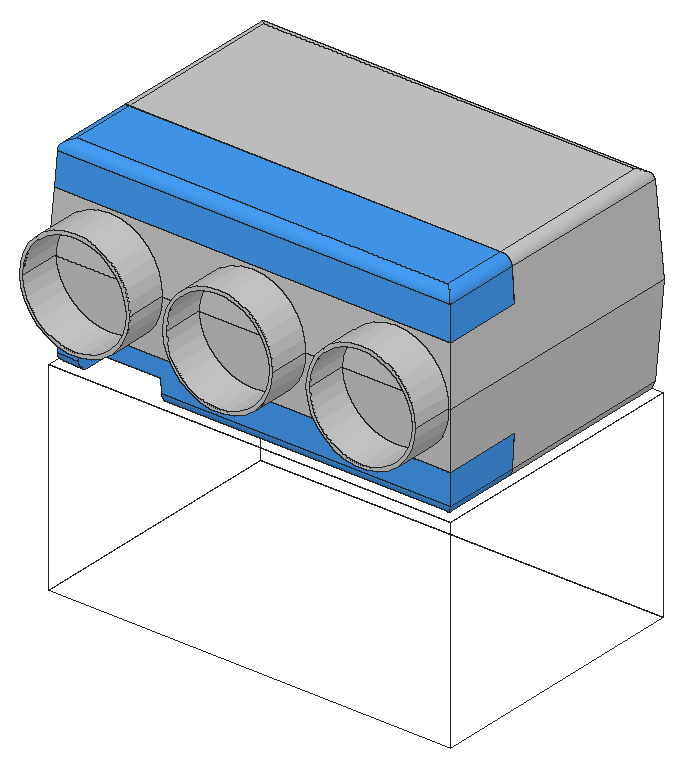
Revit family "Nuaire_IfcFanType_EsOpusdc", category Mechanical Equipment, Revit 2018
Family settings
  Round Connector Dimension = Use Radius
  Part Type = Normal
  OmniClass Number = 23.75.00.00
  OmniClass Title = Climate Control (HVAC)
  Work Plane-Based = Yes
  Always vertical = No
  Cut with Voids When Loaded = No
  Shared = No
  Room Calculation Point = No
Parameters (values of type "ES-OPUSDC110-M")
  Width = 367 mm  # constant formula
  Weight = 3.00 kg
  Weekly = "SFG20 20-03"  # constant formula
  Warranty ID = ""
  Voltage = if(Supply Phase = 3, 400 V, 230 V)  # 230 V
  Template Custodian = Manufacturer  # "Nuaire"
  Supply Phase = 1  # constant formula
  Suitability for Use = "Approved"
  Starting Current = 0.61 A
  Spigot Diameter = 100 mm  # constant formula
  Specific Fan Power at Design Duty [instance] = ""
  Revit Family Last Revised = "2020-09-23T15:04:00"  # constant formula
  Responsible Sourcing of Materials = "FSC"  # constant formula
  Responsible Extraction of Materials = "n/a"  # constant formula
  Reference Standard = "BS EN 60335-2-80"  # constant formula
  Quote Reference [instance] = ""
  Quarterly = "SFG20 20-03"  # constant formula
  Project Reference [instance] = ""
  Product Range = "Opus DC"  # constant formula
  Product Literature = "http://www.nuaire.info/catalog/nl/SupplyExtract-ESOPUSDC.pdf"
  Power Source = "Mains"  # constant formula
  Order Reference [instance] = ""
  Operation and Maintenance Manual = "http://www.nuaire.info/iandm/nl/671339.pdf"
  OmniClass Title = "Centrifugal Fans"  # constant formula
  OmniClass Number = "23-33 31 19 13"  # constant formula
  Number of Connection Poles = 2  # constant formula
  Nominal Motor Rating = 0.090 kW
  Monthly = "SFG20 20-03"  # constant formula
  Material Ingredient Reporting = "n/a"  # constant formula
  Manufacturer Website = "http://www.nuaire.co.uk"
  Maintenance Required 8001 to 12000hrs = "http://www.nuaire.info/iandm/nl/671339.pdf"
  Maintenance Required 601 to 1000hrs = "http://www.nuaire.info/iandm/nl/671339.pdf"
  Maintenance Required 4001 to 8000hrs = "http://www.nuaire.info/iandm/nl/671339.pdf"
  Maintenance Required 301 to 600hrs = "http://www.nuaire.info/iandm/nl/671339.pdf"
  Maintenance Required 2001 to 4000hrs = "http://www.nuaire.info/iandm/nl/671339.pdf"
  Maintenance Required 1001 to 2000hrs = "http://www.nuaire.info/iandm/nl/671339.pdf"
  Maintenance Required 0 to 300hrs = "http://www.nuaire.info/iandm/nl/671339.pdf"
  Location of Manufacturer = "51.571856, -3.232638"  # constant formula
  Location Reference [instance] = ""
  Life Cycle Analysis = 0
  Length = 242 mm  # constant formula
  Show Access Clearance [instance] = yes
  Model Drawn by = "Michael Grote"  # constant formula
  Maximum Ambient Temperature = 40 °C  # constant formula
  IFCExportType = "CENTRIFUGALFORWARDCURVED"
  IFCExportAs = "IfcFanType"  # constant formula
  I&M Manual = "http://www.nuaire.info/iandm/nl/671339.pdf"
  Height = 184 mm  # constant formula
  Green Guide for Specification = "n/a"  # constant formula
  Full Load Current = 0.46 A
  Frequency = 50 Hz  # constant formula
  Fire Control Panel Links = no
  Features = ""
  External Static Pressure [instance] = 0.0 Pa
  Expected Life = "n/a"  # constant formula
  Environmental Product Declaration = "WEEE, RoHS"  # constant formula
  Energy Technology List = "n/a"  # constant formula
  Embodied Carbon = "n/a"  # constant formula
  Discharge Air Flow [instance] = 0.000 m³/s
  Default Elevation = 1219.2 mm
  Daily = "SFG20 20-03"  # constant formula
  Classification.Uniclass.Pr.Number = "Pr_65_67_29_12"
  Classification.Uniclass.Pr.Description = "Centrifugal fans"
  Classification System = "Uniclass2015"
  Centre Spigot Airflow [instance] = Discharge Air Flow - Left Spigot Airflow - Right Spigot Airflow  # 0.000 m³/s
  Left Spigot Airflow [instance] = 0.000 m³/s
  Right Spigot Airflow [instance] = 0.000 m³/s
  URL = "http://www.nuaire.co.uk"
  Weatherproof or Internal Only = "Internal Only"  # constant formula
  Manufacturer = "Nuaire"  # constant formula
  Description = "Inline Extract Dual Fan"
  Catalogue Pages = "http://www.nuaire.info/catalog/nl/SupplyExtract-ESOPUSDC.pdf"
  COBie.Type.WarrantyGuarantorParts = Manufacturer  # "Nuaire"
  COBie.Type.WarrantyGuarantorLabor = Manufacturer  # "Nuaire"
  COBie.Type.WarrantyDurationUnit = "Year"  # constant formula
  COBie.Type.WarrantyDurationParts = "5"  # constant formula
  COBie.Type.WarrantyDurationLabor = "1"  # constant formula
  COBie.Type.WarrantyDescription = "5 years. First year parts and labour, remaining 4 years parts only."  # constant formula
  COBie.Type.SustainabilityPerformance = ""
  COBie.Type.Size = ""
  COBie.Type.Shape = ""
  COBie.Type.ReplacementCost = 0
  COBie.Type.NominalWidth = Width  # 367 mm
  COBie.Type.NominalLength = Length  # 242 mm
  COBie.Type.NominalHeight = Height  # 184 mm
  COBie.Type.Name = Model  # "ES-OPUSDC110-M"
  COBie.Type.ModelReference = ""
  COBie.Type.ModelNumber = Model  # "ES-OPUSDC110-M"
  COBie.Type.Material = ""
  COBie.Type.Manufacturer = Manufacturer  # "Nuaire"
  COBie.Type.Length = Length  # 242 mm
  COBie.Type.Grade = ""
  COBie.Type.Finish = ""
  COBie.Type.Features = ""
  COBie.Type.ExternalIdentifier = ""
  COBie.Type.ExpectedLife = ""
  COBie.Type.DurationUnit = ""
  COBie.Type.Description = Description  # "Inline Extract Dual Fan"
  COBie.Type.CreatedOn = Revit Family Last Revised  # "2020-09-23T15:04:00"
  COBie.Type.CreatedBy = Model Drawn by  # "Michael Grote"
  COBie.Type.Constituents = ""
  COBie.Type.Color = ""
  COBie.Type.Category = "Pr_65_67_29_12 : Centrifugal fans"
  COBie.Type.AssetType = ""
  COBie.Type.AccessibilityPerformance = ""
  COBie.Type = yes
  COBie.ExternalIdentifier [instance] = ""
  COBie.CreatedOn [instance] = Revit Family Last Revised  # "2020-09-23T15:04:00"
  COBie.CreatedBy [instance] = Model Drawn by  # "Michael Grote"
  COBie.Component.WarrantyStartDate [instance] = "Commences on date of delivery"  # constant formula
  COBie.Component.TagNumber [instance] = ""
  COBie.Component.Space [instance] = ""
  COBie.Component.SerialNumber [instance] = ""
  COBie.Component.Name [instance] = Model  # "ES-OPUSDC110-M"
  COBie.Component.Length [instance] = Length  # 242 mm
  COBie.Component.InstallationDate [instance] = ""
  COBie.Component.Description [instance] = Description  # "Inline Extract Dual Fan"
  COBie.Component.AssetIdentifier [instance] = ""
  COBie [instance] = yes
  CE Approval = "Yes"  # constant formula
  Bespoke Timeframe = "n/a"  # constant formula
  Battery Type = "n/a"  # constant formula
  Battery Supply = no
  BMS Links = yes
  Apparent Load = Voltage * Full Load Current  # 105.8 VA
  Annually = "SFG20 20-03"  # constant formula
  Address = "Western Industrial Estate, Caerphilly, UK"  # constant formula
  Postcode = "CF83 1NA"  # constant formula
  Telephone Number = "+44(0)2920-858-200"  # constant formula
  Fax Number = "+44(0)2920-858-222"  # constant formula
  Email Address = "info@nuaire.co.uk"  # constant formula
  Model = "ES-OPUSDC110-M"
  Spigot Radius = Spigot Diameter / 2  # 50 mm
  Access Clearance Bottom = Height  # 184 mm
  6 Monthly = "SFG20 20-03"  # constant formula
Types (6, lengths in mm): name | Suitability for Use | Starting Current | Specific Fan Power at Design Duty | Nominal Motor Rating | IFCExportType | Full Load Current | Classification.Uniclass.Pr.Number | Classification.Uniclass.Pr.Description | Classification System | Description | COBie.Type.Name | COBie.Type.ModelNumber | COBie.Type.Description | COBie.Type.Category | COBie.Component.Name | COBie.Component.Description | Apparent Load | Model
  ES-OPUSDC110-M | "Approved" | 0.61 A | "" | 0.090 kW | "CENTRIFUGALFORWARDCURVED" | 0.46 A | "Pr_65_67_29_12" | "Centrifugal fans" | "Uniclass2015" | "Inline Extract Dual Fan" | "ES-OPUSDC110-M" | "ES-OPUSDC110-M" | "Inline Extract Dual Fan" | "Pr_65_67_29_12 : Centrifugal fans" | "ES-OPUSDC110-M" | "Inline Extract Dual Fan" | 105.8 VA | "ES-OPUSDC110-M"
  ES-OPUSDC75-M | "" | 0.35 A | "0.0" | 0.033 kW | "" | 0.30 A | "Pr_65_67_29_12" | "Centrifugal fans" | "" | "Inline Extract Dual Fan" | "ES-OPUSDC75-M" | "ES-OPUSDC75-M" | "Inline Extract Dual Fan" | "Pr_65_67_29_12 : Centrifugal fans" | "ES-OPUSDC75-M" | "Inline Extract Dual Fan" | 69 VA | "ES-OPUSDC75-M"
  ES-OPUSDC60-2M | "" | 0.40 A | "0.0" | 0.044 kW | "" | 0.32 A | "Pr_65_67_29_89" | "Twin centrifugal fans" | "" | "Inline Extract Twin Fan" | "ES-OPUSDC60-2M" | "ES-OPUSDC60-2M" | "Inline Extract Twin Fan" | "Pr_65_67_29_89 : Twin centrifugal fans" | "ES-OPUSDC60-2M" | "Inline Extract Twin Fan" | 73.6 VA | "ES-OPUSDC60-2M"
  ES-OPUSDC60-M | "" | 0.40 A | "0.0" | 0.044 kW | "" | 0.32 A | "Pr_65_67_29_12" | "Centrifugal fans" | "" | "Inline Extract Single Fan" | "ES-OPUSDC60-M" | "ES-OPUSDC60-M" | "Inline Extract Single Fan" | "Pr_65_67_29_12 : Centrifugal fans" | "ES-OPUSDC60-M" | "Inline Extract Single Fan" | 73.6 VA | "ES-OPUSDC60-M"
  ES-OPUSDC40-2M | "" | 0.18 A | "0.0" | 0.018 kW | "" | 0.14 A | "Pr_65_67_29_89" | "Twin centrifugal fans" | "" | "Inline Extract Twin Fan" | "ES-OPUSDC40-2M" | "ES-OPUSDC40-2M" | "Inline Extract Twin Fan" | "Pr_65_67_29_89 : Twin centrifugal fans" | "ES-OPUSDC40-2M" | "Inline Extract Twin Fan" | 32.2 VA | "ES-OPUSDC40-2M"
  ES-OPUSDC40-M | "" | 0.18 A | "0.0" | 0.018 kW | "" | 0.14 A | "Pr_65_67_29_12" | "Centrifugal fans" | "" | "Inline Extract Single Fan" | "ES-OPUSDC40-M" | "ES-OPUSDC40-M" | "Inline Extract Single Fan" | "Pr_65_67_29_12 : Centrifugal fans" | "ES-OPUSDC40-M" | "Inline Extract Single Fan" | 32.2 VA | "ES-OPUSDC40-M"
Reference planes
  plane 1 "Center (Front/Back)": y = 0
  plane 2: z = 0
  plane 3 "Center (Left/Right)": x = 0
  plane 4: x = 183.5
  plane 5: x = -183.5
  plane 6: y = 121
  plane 7: y = -121
  plane 8: z = 184
  plane 9: z = 92
  plane 10: y = -157.5
  plane 11: y = 162.5
  plane 12: z = 145.057
  plane 13: y = -46.5
  plane 14: z = 38.875
Forms (mm)
  Extrusion 1, solid, material "Grey Plastic"
    sketch origin (0, 0, 0) x (0, 1, 0) y (0, 0, 1)
      loop
        line (-46.5, 184) -> (-46.5, 145.057) -> (-118.116, 145.057) -> (-121, 92) -> (-118.113, 38.875) -> (-46.5, 38.875) -> (-46.5, 0) -> (106.529, 0)
        arc (106.529, 0) -> (113.405, 2.74) -> (116.514, 9.457) r 10
        line (116.514, 9.457) -> (121, 92) -> (116.514, 174.543)
        arc (116.514, 174.543) -> (113.405, 181.26) -> (106.529, 184) r 10
        line (106.529, 184) -> (-46.5, 184)
    from -183.5 to 183.5
  Extrusion 2, solid, material "Blue Plastic"
    sketch origin (0, 0, 0) x (0, 1, 0) y (0, 0, 1)
      loop
        line (-46.5, 184) -> (-106.529, 184)
        arc (-106.529, 184) -> (-113.405, 181.26) -> (-116.514, 174.543) r 10
        line (-116.514, 174.543) -> (-118.116, 145.057) -> (-46.5, 145.057) -> (-46.5, 184)
      loop
        line (-118.113, 38.875) -> (-116.514, 9.457)
        arc (-116.514, 9.457) -> (-113.405, 2.74) -> (-106.529, 0) r 10
        line (-106.529, 0) -> (-46.5, 0) -> (-46.5, 38.875) -> (-118.113, 38.875)
    from -183.5 to 183.5
  Extrusion 3, void
    sketch origin (0, 0, 0) x (1, 0, 0) y (0, 0, 1)
      loop
        line (-179.014, 174.543) -> (-183.5, 92) -> (-179.014, 9.457)
        arc (-179.014, 9.457) -> (-175.905, 2.74) -> (-169.029, 0) r 10
        line (-169.029, 0) -> (169.029, 0)
        arc (169.029, 0) -> (175.905, 2.74) -> (179.014, 9.457) r 10
        line (179.014, 9.457) -> (183.5, 92) -> (179.014, 174.543)
        arc (179.014, 174.543) -> (175.905, 181.26) -> (169.029, 184) r 10
        line (169.029, 184) -> (-169.029, 184)
        arc (-169.029, 184) -> (-175.905, 181.26) -> (-179.014, 174.543) r 10
      loop
        line (-195.337, 199.131) -> (-195.337, -10.869) -> (197.663, -10.869) -> (197.663, 199.131) -> (-195.337, 199.131)
    from -123.5 to 123.5
  Extrusion 4, solid, material "Grey Plastic"
    sketch origin (0, 0, 0) x (1, 0, 0) y (0, 0, 1)
      loop
        circle (0, 92) r 50
      loop
        circle (0, 92) r 47
    from 116.844 to 157.5
  Extrusion 5, solid, material "Grey Plastic"
    sketch origin (124, 0, 0) x (1, 0, 0) y (0, 0, 1)
      loop
        circle (6.5, 92) r 50
      loop
        circle (6.5, 92) r 47
    from 116.844 to 157.5
  Extrusion 6, solid, material "Grey Plastic"
    sketch origin (-124, 0, 0) x (1, 0, 0) y (0, 0, 1)
      loop
        circle (-6.5, 92) r 50
      loop
        circle (-6.5, 92) r 47
    from 116.844 to 157.5
  Extrusion 7, solid, material "Grey Plastic"
    sketch origin (0, 280.344, 0) x (1, 0, 0) y (0, 0, 1)
      loop
        circle (0, 92) r 50
      loop
        circle (0, 92) r 47
    from 117.844 to 162.556
  Extrusion 8, void
    sketch origin (-237, -212, 0) x (-1, 0, 0) y (0, -1, 0)
      loop
        line (-153, -126) -> (-77.5, -126) -> (-77.5, -91) -> (-153, -91) -> (-153, -126)
    from 0 to 22.875
  Extrusion 9, solid, material "Access Clearance", visible <- "Show Access Clearance"
    sketch origin (0, 0, 0) x (1, 0, 0) y (0, 1, 0)
      loop
        line (-183.5, 121) -> (-183.5, -121) -> (183.5, -121) -> (183.5, 121) -> (-183.5, 121)
    from 0 to -184
Cuts and joins
  Extrusion 3 cuts Extrusion 1
  Extrusion 3, Extrusion 8 cuts Extrusion 2
Dimensions and locks
  equal spacing: plane 5, plane 3 "Center (Left/Right)", plane 4
  "Width": plane 5 to plane 4
  equal spacing: plane 6, plane 1 "Center (Front/Back)", plane 7
  "Length": plane 6 to plane 7
  equal spacing: plane 8, plane 9, level
  "Height": plane 8 to plane 2
  aligned and locked: level to plane 2
Automatic sketch dimensions
  Extrusion 1 sketch curve to plane 7 = 0 mm
  plane 12 to Extrusion 1 sketch curve = 0 mm
  plane 14 to Extrusion 1 sketch curve = 0 mm
  Extrusion 1 sketch curve to level = 0 mm
  Extrusion 1 sketch curve to plane 13 = 0 mm  (x2)
  Extrusion 1 sketch curve to plane 8 = 0 mm
  Extrusion 1 sketch curve to plane 6 = 0 mm
  Extrusion 1 sketch curve to plane 9 = 0 mm  (x2)
  Extrusion 1 sketch curve to plane 7 = 2.884 mm
  Extrusion 1 sketch curve to plane 7 = 2.887 mm
  Extrusion 1 sketch curve to plane 6 = 14.471 mm  (x2)
  Extrusion 1 sketch curve to plane 6 = 4.486 mm  (x2)
  level to Extrusion 1 sketch curve = 9.457 mm
  Extrusion 1 sketch curve to plane 8 = 9.457 mm
  plane 12 to Extrusion 2 sketch curve = 0 mm
  plane 14 to Extrusion 2 sketch curve = 0 mm
  Extrusion 2 sketch curve to plane 8 = 0 mm
  Extrusion 2 sketch curve to level = 0 mm
  Extrusion 2 sketch curve to plane 13 = 0 mm  (x2)
  Extrusion 2 sketch curve to plane 7 = 4.486 mm  (x2)
  level to Extrusion 2 sketch curve = 9.457 mm
  Extrusion 2 sketch curve to plane 7 = 2.887 mm
  Extrusion 2 sketch curve to plane 7 = 2.884 mm
  Extrusion 2 sketch curve to Extrusion 2 sketch curve = 9.985 mm  (x2)
  Extrusion 2 sketch curve to plane 8 = 9.457 mm
  plane 5 to Extrusion 3 sketch curve = 0 mm
  Extrusion 3 sketch curve to plane 8 = 0 mm
  Extrusion 3 sketch curve to level = 0 mm
  Extrusion 3 sketch curve to plane 4 = 0 mm
  Extrusion 3 sketch curve to plane 9 = 0 mm  (x2)
  plane 5 to Extrusion 3 sketch curve = 11.837 mm
  Extrusion 3 sketch curve to plane 5 = 4.486 mm  (x2)
  Extrusion 3 sketch curve to Extrusion 3 sketch curve = 9.985 mm  (x2)
  Extrusion 3 sketch curve to plane 4 = 14.471 mm  (x2)
  Extrusion 3 sketch curve to plane 4 = 4.486 mm  (x2)
  plane 4 to Extrusion 3 sketch curve = 14.163 mm
  Extrusion 3 sketch curve to level = 10.869 mm
  level to Extrusion 3 sketch curve = 9.457 mm  (x2)
  Extrusion 3 sketch curve to plane 8 = 9.457 mm  (x2)
  plane 8 to Extrusion 3 sketch curve = 15.131 mm
  Extrusion 4 sketch curve to Extrusion 4 sketch curve = 0 mm  (x2)
  Extrusion 4 sketch curve to plane 3 "Center (Left/Right)" = 0 mm
  Extrusion 4 sketch curve to plane 9 = 0 mm
  Extrusion 5 sketch curve to Extrusion 5 sketch curve = 0 mm  (x2)
  Extrusion 5 sketch curve to plane 9 = 0 mm
  Extrusion 5 sketch curve to plane 4 = 53 mm
  Extrusion 6 sketch curve to Extrusion 6 sketch curve = 0 mm  (x2)
  Extrusion 6 sketch curve to plane 9 = 0 mm
  Extrusion 6 sketch curve to plane 5 = 53 mm
  Extrusion 7 sketch curve to Extrusion 7 sketch curve = 0 mm  (x2)
  Extrusion 7 sketch curve to plane 3 "Center (Left/Right)" = 0 mm
  Extrusion 7 sketch curve to plane 9 = 0 mm
  plane 7 to Extrusion 8 sketch curve = 0 mm
  plane 3 "Center (Left/Right)" to Extrusion 8 sketch curve = 84 mm
  plane 7 to Extrusion 8 sketch curve = 35 mm
  plane 5 to Extrusion 8 sketch curve = 24 mm
  Extrusion 9 sketch curve to plane 5 = 0 mm
  Extrusion 9 sketch curve to plane 4 = 0 mm
  plane 7 to Extrusion 9 sketch curve = 0 mm
  Extrusion 9 sketch curve to plane 6 = 0 mm
  radius of Extrusion 4 sketch curve = 50 mm
  radius of Extrusion 4 sketch curve = 47 mm
  radius of Extrusion 5 sketch curve = 50 mm
  radius of Extrusion 5 sketch curve = 47 mm
  radius of Extrusion 6 sketch curve = 50 mm
  radius of Extrusion 6 sketch curve = 47 mm
  radius of Extrusion 7 sketch curve = 50 mm
  radius of Extrusion 7 sketch curve = 47 mm
Nested families
  nested 1: "label_nuaire_logo" at (3, 46.029, 184), type "label_nuaire_logo"
    with Scale Factor 452 mm, Actual Scale 158.2 mm
Connectors
  hvac at (130.5, -157.5, 92), driven by "Spigot Radius", driven by "Right Spigot Airflow"
    settings: on Extrusion 5, index 1, duct flow 0.000 m³/s, flow factor 0, pres drop 0.0 Pa, loss coef 0, conn angle 0.00°, conn width 304.8 mm, conn height 304.8 mm, conn diameter 100 mm, duct sys type 3, conn prof type 0, flow config 0, flow direction 1, loss method 0, conn ref index -1, conn util no, is conn primary yes, conn desc "Fresh Air Intake 3"
  hvac at (0, -157.5, 92), driven by "Spigot Radius", driven by "Centre Spigot Airflow"
    settings: on Extrusion 4, index 2, duct flow 0.000 m³/s, flow factor 0, pres drop 0.0 Pa, loss coef 0, conn angle 0.00°, conn width 304.8 mm, conn height 304.8 mm, conn diameter 100 mm, duct sys type 3, conn prof type 0, flow config 0, flow direction 1, loss method 0, conn ref index -1, conn util no, is conn primary no, conn desc "Fresh Air Intake 1"
  hvac at (-130.5, -157.5, 92), driven by "Spigot Radius", driven by "Left Spigot Airflow"
    settings: on Extrusion 6, index 3, duct flow 0.000 m³/s, flow factor 0, pres drop 0.0 Pa, loss coef 0, conn angle 0.00°, conn width 304.8 mm, conn height 304.8 mm, conn diameter 100 mm, duct sys type 3, conn prof type 0, flow config 0, flow direction 1, loss method 0, conn ref index -1, conn util no, is conn primary no, conn desc "Fresh Air Intake 2"
  hvac at (0, 162.5, 92), driven by "Spigot Radius", driven by "Discharge Air Flow"
    settings: on Extrusion 7, index 4, duct flow 0.000 m³/s, flow factor 0, pres drop 0.0 Pa, loss coef 0, conn angle 0.00°, conn width 304.8 mm, conn height 304.8 mm, conn diameter 100 mm, duct sys type 3, conn prof type 0, flow config 1, flow direction 2, loss method 0, conn ref index -1, conn util no, is conn primary no, conn desc "Discharge to Atmosphere"
  electrical at (0, 30.014, 0), driven by "Voltage", driven by "Apparent Load", driven by "Number of Connection Poles"
    settings: on cut or joined group of Extrusion 1, Extrusion 3, index 5, voltage 230 V, apparent load 105.8 VA, apparent load phase1 0 VA, apparent load phase2 0 VA, apparent load phase3 0 VA, power factor 1, load classification "Other", number of poles 2, system type 30, power factor state 1, is connector primary yes, connector utility no, sub classification motor no, connector description "Power Supply"
Definition of nested family "label_nuaire_logo"
  Parameters
    Scale Factor [instance] = Scale * 452  # 452 mm
    Scale = 1 mm
    Default Elevation = 1219.2 mm
    Actual Scale [instance] = Scale Factor * 0.35  # 158.2 mm
  Reference planes
    plane 1 "Center (Front/Back)": y = 0
    plane 2: z = 0
    plane 3 "Center (Left/Right)": x = 0
  Lines and regions (mm)
    reference lines
      curve 1: line (79.1, -32.13, 0) -> (79.1, 30, 0)
      curve 2: line (-79.1, -32.13, 0) -> (-79.1, 30, 0)
  Dimensions and locks
    equal spacing: curve 2, plane 3 "Center (Left/Right)", curve 1
    "Actual Scale": curve 2 to curve 1
    aligned and locked: level to plane 2
  Automatic sketch dimensions
    plane 1 "Center (Front/Back)" to curve 2 = 32.13 mm
    plane 1 "Center (Front/Back)" to curve 1 = 32.13 mm
    curve 2 to plane 1 "Center (Front/Back)" = 30 mm
    curve 1 to plane 1 "Center (Front/Back)" = 30 mm
  Nested families
    nested 1: "logo_stage2" at (10, 0, 0), type "logo_stage2"
  Definition of nested family "logo_stage2"
    Parameters
      Height = 452 mm
    Reference planes
      plane 1 "Center (Front/Back)": y = 0
      plane 2: z = 0
      plane 3 "Center (Left/Right)": x = 0
    Dimensions and locks
      aligned and locked: level to plane 2
    Nested families
      nested 1: "logo_stage1" at (0, 0, 0), type "logo_stage1"
    Definition of nested family "logo_stage1"
      Parameters
        Height = 1300 mm
      Reference planes
        plane 1 "Center (Front/Back)": y = 0
        plane 2: z = 0
        plane 3 "Center (Left/Right)": x = 0
      Lines and regions (mm)
        model lines
          curve 1: arc (7.927, 29.489, 0) -> (-47.363, 58.16, 0) -> (-106.604, 77.382, 0) r 378.77
          curve 2: arc (-106.604, 77.382, 0) -> (-163.216, 86.224, 0) -> (-220.277, 81.007, 0) r 233.393
          curve 3: arc (-246.965, 20.991, 0) -> (-215.043, -15.792, 0) -> (-174.42, -42.657, 0) r 179.785
          curve 4: arc (-174.42, -42.657, 0) -> (-107.072, -70.342, 0) -> (-36.955, -89.99, 0) r 623.693
          curve 5: arc (-36.955, -89.99, 0) -> (-105.996, -69.023, 0) -> (-170.812, -37.319, 0) r 451.207
          curve 6: arc (-170.812, -37.319, 0) -> (-200.304, -16.562, 0) -> (-226.197, 8.542, 0) r 230.474
          curve 7: arc (-206.815, 72.232, 0) -> (-163.659, 78.527, 0) -> (-120.226, 74.571, 0) r 185.468
          curve 8: arc (-120.226, 74.571, 0) -> (-54.126, 57.782, 0) -> (7.927, 29.489, 0) r 381.393
          curve 9: line (-161.219, -24.259, 0) -> (-141.514, -24.259, 0)
          curve 10: line (-141.514, -24.259, 0) -> (-136.798, 0, 0)
          curve 11: arc (-136.798, 0, 0) -> (-133.437, 8.115, 0) -> (-125.322, 11.477, 0) r 11.477
          curve 12: arc (-125.322, 11.477, 0) -> (-118.479, 7.762, 0) -> (-117.869, 0, 0) r 8.158
          curve 13: line (-117.869, 0, 0) -> (-122.146, -24.259, 0)
          curve 14: line (-122.146, -24.259, 0) -> (-102.441, -24.259, 0)
          curve 15: line (-102.441, -24.259, 0) -> (-97.309, 4.849, 0)
          curve 16: arc (-97.309, 4.849, 0) -> (-99.379, 18.095, 0) -> (-110.885, 24.977, 0) r 15.794
          curve 17: arc (-110.885, 24.977, 0) -> (-122.995, 23.787, 0) -> (-133.701, 18.002, 0) r 30.821
          curve 18: line (-133.701, 18.002, 0) -> (-132.598, 24.255, 0)
          curve 19: line (-161.219, -24.259, 0) -> (-152.664, 24.255, 0)
          curve 20: line (-152.664, 24.255, 0) -> (-132.598, 24.255, 0)
          curve 21: line (-80.79, 24.255, 0) -> (-86.175, -3.448, 0)
          curve 22: arc (-86.175, -3.448, 0) -> (-83.467, -16.761, 0) -> (-72.138, -24.259, 0) r 17.751
          curve 23: arc (-72.138, -24.259, 0) -> (-59.938, -25.434, 0) -> (-47.739, -24.259, 0) r 63.934
          curve 24: arc (-47.739, -24.259, 0) -> (-34.611, -17.57, 0) -> (-27.023, -4.941, 0) r 26.727
          curve 25: line (-27.023, -4.941, 0) -> (-21.348, 24.255, 0)
          curve 26: line (-21.348, 24.255, 0) -> (-41.053, 24.255, 0)
          curve 27: line (-41.053, 24.255, 0) -> (-46.093, -1.676, 0)
          curve 28: arc (-46.093, -1.676, 0) -> (-50.186, -8.91, 0) -> (-57.808, -12.224, 0) r 13.097
          curve 29: arc (-57.808, -12.224, 0) -> (-64.693, -9.158, 0) -> (-65.742, -1.695, 0) r 7.773
          curve 30: line (-65.742, -1.695, 0) -> (-61.166, 24.255, 0)
          curve 31: line (-61.166, 24.255, 0) -> (-80.79, 24.255, 0)
          curve 32: arc (31.54, 19.236, 0) -> (16.208, 25.528, 0) -> (0, 22.075, 0) r 28.07
          curve 33: arc (0, 22.075, 0) -> (-10.88, 12.774, 0) -> (-17.338, 0, 0) r 36.434
          curve 34: arc (-17.338, 0, 0) -> (-15.613, -14.796, 0) -> (-4.047, -24.183, 0) r 19.761
          curve 35: arc (-4.047, -24.183, 0) -> (10.741, -24.948, 0) -> (24.166, -18.699, 0) r 30.688
          curve 36: line (24.166, -18.699, 0) -> (23.117, -24.098, 0)
          curve 37: line (23.117, -24.098, 0) -> (43.271, -24.098, 0)
          curve 38: line (43.271, -24.098, 0) -> (51.797, 24.255, 0)
          curve 39: line (51.797, 24.255, 0) -> (32.515, 24.255, 0)
          curve 40: line (32.515, 24.255, 0) -> (31.54, 19.236, 0)
          curve 41: arc (27.176, -3.213, 0) -> (27.314, 5.536, 0) -> (19.984, 10.314, 0) r 9.053
          curve 42: arc (19.984, 10.314, 0) -> (10.965, 8.578, 0) -> (4.044, 2.54, 0) r 17.627
          curve 43: arc (4.044, 2.54, 0) -> (3.437, -5.353, 0) -> (9.873, -9.961, 0) r 8.063
          curve 44: arc (9.873, -9.961, 0) -> (19.716, -9.642, 0) -> (27.176, -3.213, 0) r 14.789
          curve 45: line (64.987, 24.255, 0) -> (85.001, 24.255, 0)
          curve 46: line (85.001, 24.255, 0) -> (76.475, -24.098, 0)
          curve 47: line (76.475, -24.098, 0) -> (56.461, -24.098, 0)
          curve 48: line (56.461, -24.098, 0) -> (64.987, 24.255, 0)
          curve 49: line (97.733, 24.255, 0) -> (117.438, 24.255, 0)
          curve 50: line (117.438, 24.255, 0) -> (116.079, 16.546, 0)
          curve 51: arc (116.079, 16.546, 0) -> (127.306, 23.283, 0) -> (140.3, 24.886, 0) r 31.571
          curve 52: line (140.3, 24.886, 0) -> (137.316, 7.965, 0)
          curve 53: arc (137.316, 7.965, 0) -> (129.144, 9.507, 0) -> (120.972, 7.965, 0) r 22.429
          curve 54: arc (120.972, 7.965, 0) -> (114.704, 2.976, 0) -> (112.337, -4.677, 0) r 13.585
          curve 55: line (112.337, -4.677, 0) -> (108.912, -24.098, 0)
          curve 56: line (108.912, -24.098, 0) -> (89.207, -24.098, 0)
          curve 57: line (89.207, -24.098, 0) -> (97.733, 24.255, 0)
          curve 58: arc (93.618, 47.57, 0) -> (74.854, 53.038, 0) -> (55.359, 51.64, 0) r 55.33
          curve 59: arc (93.618, 47.57, 0) -> (97.282, 41.659, 0) -> (93.618, 35.747, 0) r 6.601
          curve 60: arc (93.618, 35.747, 0) -> (84.065, 32.23, 0) -> (73.978, 30.85, 0) r 47.065
          curve 61: arc (73.978, 30.85, 0) -> (80.846, 32.41, 0) -> (86.601, 36.47, 0) r 18.116
          curve 62: arc (86.601, 36.47, 0) -> (88.036, 41.905, 0) -> (84.218, 46.03, 0) r 5.836
          curve 63: arc (84.218, 46.03, 0) -> (70.224, 51.08, 0) -> (55.359, 51.64, 0) r 48.391
          curve 64: line (157.905, -2.864, 0) -> (199.286, -2.864, 0)
          curve 65: arc (199.286, -2.864, 0) -> (197.145, 14.652, 0) -> (182.34, 24.255, 0) r 20.852
          curve 66: arc (182.34, 24.255, 0) -> (165.366, 23.801, 0) -> (149.457, 17.863, 0) r 51.614
          curve 67: arc (149.457, 17.863, 0) -> (140.348, 5.451, 0) -> (139.348, -9.912, 0) r 27.469
          curve 68: arc (139.348, -9.912, 0) -> (144.958, -19.523, 0) -> (155.103, -24.098, 0) r 18.276
          curve 69: arc (155.103, -24.098, 0) -> (178.591, -23.478, 0) -> (196.981, -8.856, 0) r 37.046
          curve 70: line (196.981, -8.856, 0) -> (178.291, -8.856, 0)
          curve 71: arc (178.291, -8.856, 0) -> (168.439, -13.819, 0) -> (158.586, -8.856, 0) r 12.261
          curve 72: arc (158.586, -8.856, 0) -> (157.442, -5.951, 0) -> (157.905, -2.864, 0) r 6.023
          curve 73: line (199.286, -2.864, 0) -> (157.905, -2.864, 0)
          curve 74: line (159.772, 7.114, 0) -> (183.418, 7.114, 0)
          curve 75: arc (183.418, 7.114, 0) -> (171.595, 14.487, 0) -> (159.772, 7.114, 0) r 13.165
          curve 76: arc (-206.815, 72.232, 0) -> (-234.166, 45.761, 0) -> (-226.197, 8.542, 0) r 39.242
          curve 77: arc (-220.277, 81.007, 0) -> (-248.829, 57.762, 0) -> (-246.965, 20.991, 0) r 40.723
      Dimensions and locks
        aligned and locked: level to plane 2
